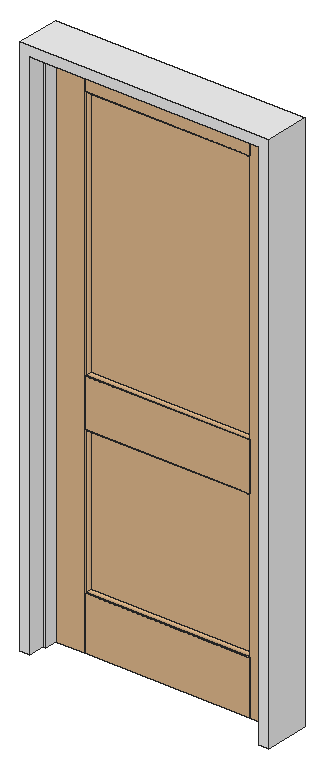
Revit family
Parameters (values of type "1 3/4" Flat Panel")
  URL = "http://www.karonadoor.com"
  Thickness Note = "Do not edit thickness."  # constant formula
  Thickness = 1.774"
  Swing Angle 2D = 90.00°
  SmartBIM Object Version = 1  # constant formula
  SmartBIM Object Created By = "Reed Construction Data"  # constant formula
  Rough Width = 0.000"
  Rough Height = 1.750"
  Panel = Panel_K4010_Karona : 1 3/4" - Flat Panel
  Model = "K4010 Ovolo"  # constant formula
  Manufacturer = "Karona , Inc."  # constant formula
  Detail Door Thickness = 1.750"
  Assembly Code = ""
  Top Rail Height = 5.000"
  Top Rail = Wood, Cherry - Grain Horizontal
  Stile Width = 5.063"
  Stile = Wood, Cherry - Grain Vertical
  Sticking = Wood, Cherry - Grain Vertical
  Middle Rail = Wood, Cherry - Grain Horizontal
  Height = 84.000"
  Wall Closure = (empty or 0)
  Width = 36.000"
  Frame = Metal
  Bottom Rail Height = 8.500"
  Bottom Rail = Wood, Cherry - Grain Horizontal
  95 CSI = "08210"  # constant formula
  04 CSI = "08 14 33"  # constant formula
Types (9): name | Thickness | Rough Height | Panel | Detail Door Thickness
  1 3/4" Flat Panel | 1.774" | 1.750" | Panel_K4010_Karona : 1 3/4" - Flat Panel | 1.750"
  1 3/8" Flat Panel | 1.334" | 0.000" | Panel_K4010_Karona : 1 3/8" - Flat Panel | 1.375"
  2 1/4" Flat Panel | 2.250" | 0.000" | Panel_K4010_Karona : 2 1/4" - Flat Panel | 2.250"
  1 3/4" Glass Panel | 1.774" | 1.750" | Panel_K4010_Karona : 1 3/4" - Glass Panel | 1.750"
  1 3/8" Glass Panel | 1.334" | 0.000" | Panel_K4010_Karona : 1 3/8" - Glass Panel | 1.375"
  2 1/4" Glass Panel | 2.250" | 0.000" | Panel_K4010_Karona : 2 1/4" - Glass | 2.250"
  1 3/4" Raised Panel | 1.774" | 1.750" | Panel_K4010_Karona : 1 3/4" - Raised Panel | 1.750"
  1 3/8" Raised Panel | 1.334" | 0.000" | Panel_K4010_Karona : 1 3/8" - Raised Panel | 1.375"
  2 1/4" Raised Panel | 2.250" | 0.000" | Panel_K4010_Karona : 2 1/4" - Raised Panel | 2.250"
Reference planes (in)
  plane 1 "Center (Front/Back)": y = 0
  plane 2 "Center (Left/Right)": x = 0
  plane 3 "Left": x = -18
  plane 4 "Right": x = 18
  plane 5 "Top": z = 84
  plane 6 "Exterior Edge of Frame": y = 3.5
  plane 7 "Interior Edge of Frame": y = -3.5
  plane 8: y = 1
  plane 9: y = -1
  plane 10 "Opening Left": x = -19.5
  plane 11 "Opening Right": x = 19.5
  plane 12 "Top of Opening": z = 85.5
  plane 13: x = -17.5
Forms (in)
  Sweep 1, solid, material "Metal" <- "Frame"
    path origin (0, 0, 0) x (1, 0, 0) y (0, 0, 1)
      loop
        line (-19.5, 0) -> (-19.5, 85.5) -> (19.5, 85.5) -> (19.5, 0)
    profile origin (-19.5, 0, 42.75) x (-1, 0, 0) y (0, -1, 0)
      loop
        line (0, -3.5) -> (0, 3.5) -> (-1.5, 3.5) -> (-1.5, 1) -> (-2, 1) -> (-2, -1) -> (-1.5, -1) -> (-1.5, -3.5) -> (0, -3.5)
Lines and regions (in)
  Opening 1
    outline origin (-90, -3, 0) x (1, 0, 0) y (0, 0, 1)
      loop
        line (70.5, 0) -> (109.5, 0) -> (109.5, 85.5) -> (70.5, 85.5) -> (70.5, 0)
  symbolic lines, style "Elevation Swing"
    curve 1: line (18, 3, 0) -> (-18, 3, 42)
    curve 2: line (-18, 3, 42) -> (18, 3, 84)
Text (in)
  text "Exterior" at (-46.13199, 20.20143, 0), in view "Ref. Level"
  text "Interior" at (-46.13199, -10.56751, 0), in view "Ref. Level"
  text "Exterior" at (0, 40.15149, 123.01588), in view "Right"
  text "Interior" at (0, -64.39139, 123.01588), in view "Right"
  text "Interior" at (0, -31.01599, 123.00693), in view "Left"
  text "Exterior" at (0, 54.57065, 123.00693), in view "Left"
Dimensions and locks (in)
  "Height": level to plane 5 "Top"
  "Width": plane 3 "Left" to plane 4 "Right"
  equal spacing: host wall, curve 2, plane 5 "Top"
  locked: host wall to plane 7 "Interior Edge of Frame" at 0.5
  locked: plane 6 "Exterior Edge of Frame" to host wall at 0.5
  locked: plane 9 to plane 7 "Interior Edge of Frame" at 2.5
  locked: plane 6 "Exterior Edge of Frame" to plane 8 at 2.5
  equal spacing: plane 3 "Left", plane 2 "Center (Left/Right)", plane 4 "Right"
  locked: plane 4 "Right" to plane 11 "Opening Right" at 1.5
  locked: plane 5 "Top" to plane 12 "Top of Opening" at 1.5
  locked: plane 3 "Left" to plane 13 at 0.5
  locked: plane 10 "Opening Left" to plane 3 "Left" at 1.5
  nested 1 to nested 1 = 1.774"
  aligned and locked: Opening 1 sketch curve to level
  aligned and locked: plane 4 "Right" to curve 1
  aligned and locked: plane 3 "Left" to curve 1
  aligned and locked: plane 5 "Top" to curve 2
  aligned and locked: Opening 1 sketch curve to plane 11 "Opening Right"
  aligned and locked: plane 12 "Top of Opening" to Opening 1 sketch curve
  aligned and locked: Opening 1 sketch curve to plane 10 "Opening Left"
  aligned and locked: plane 10 "Opening Left" to Sweep 1 sketch curve
  aligned and locked: plane 12 "Top of Opening" to Sweep 1 sketch curve
  aligned and locked: plane 11 "Opening Right" to Sweep 1 sketch curve
  aligned and locked: level to Sweep 1 sketch curve  (x2)
  aligned and locked: Sweep 1 sketch curve to plane 10 "Opening Left"
  aligned and locked: Sweep 1 sketch curve to plane 6 "Exterior Edge of Frame"
  aligned and locked: Sweep 1 sketch curve to plane 7 "Interior Edge of Frame"
  aligned and locked: Sweep 1 sketch curve to plane 8
  aligned and locked: Sweep 1 sketch curve to plane 9
  aligned and locked: plane 13 to Sweep 1 sketch curve
  aligned and locked: plane 3 "Left" to Sweep 1 sketch curve  (x2)
  aligned and locked: nested 1 to plane 2 "Center (Left/Right)"
  aligned and locked: nested 2 to plane 3 "Left"
  aligned and locked: nested 2 to plane 8
  aligned and locked: nested 1 to plane 8
Automatic sketch dimensions
  curve 1 to level = 0.000"
  curve 2 to plane 4 "Right" = 0.000"
Nested families (in)
  nested 1: "Panel_K4010_Karona" at (-13.5, 0.6575, 0) x (-1, 0, 0) z (0, 0, 1), type <- "Panel", type "1 3/4" - Flat Panel"
  nested 2: "Door Panel Plan View" at (-31.5, 1, 0) x (-1, 0, 0) z (0, 0, 1), type "Door Panel Plan View"
    with Thickness 1.750", Height 84.000"
Definition of nested family "Panel_K4010_Karona"
  Parameters (values of type "1 3/4" - Flat Panel")
    Width = 36.000"
    Top Rail Material = Wood, Cherry - Grain Horizontal
    Top Rail Height = 5.000"
    Top Panel Offset = 27.175"
    Thickness Note = "Do not change door thickness"  # constant formula
    Thickness = 1.774"
    Stile Width = 5.063"
    Stile Material = Wood, Cherry - Grain Vertical
    Sticking Material = Wood, Cherry - Grain Vertical
    Panel Width = (Width - (2 * Stile Width))  # 25.874"
    Panel Height = (Height - (Bottom Rail Height + Top Rail Height + Bottom Panel Height + Lock Rail Width))  # 40.000"
    Panel = Glass-Sticking-Assembly-Ovolo_Karona : Flat Panel
    Lock Rail Width = 7.500"
    Interior Panel = Wood, Cherry - Grain Vertical
    Height = 84.000"
    Exterior Edge - Glass Bottom Offset = if(Thickness = 1.774", 0.567", if(Thickness = 2.250", 0.803", 0.469"))  # 0.567"
    Door Panel Material = Wood, Cherry - Grain Vertical
    Default Elevation = 0.000"  # constant formula
    Bottom Rail Material = Wood, Cherry - Grain Horizontal
    Bottom Rail Height = 8.500"
    Bottom Panel Height = Bottom Height - (Bottom Rail Height + Lock Rail Width)  # 23.000"
    Bottom Height = 39.000"
    Assembly Code = ""
  Types (9): name | Top Panel Offset | Thickness | Panel | Interior Panel | Exterior Edge - Glass Bottom Offset
    2 1/4" - Flat Panel | 27.250" | 2.250" | Glass-Sticking-Assembly-Ovolo_Karona : Flat Panel | Wood, Cherry - Grain Vertical | 0.803"
    2 1/4" - Glass | 27.175" | 2.250" | Glass-Sticking-Assembly-Ovolo_Karona : Glass Panel | Glass | 0.803"
    2 1/4" - Raised Panel | 27.175" | 2.250" | Glass-Sticking-Assembly-Ovolo_Karona : Raised Panel | Wood, Cherry - Grain Vertical | 0.803"
    1 3/4" - Raised Panel | 27.175" | 1.774" | Glass-Sticking-Assembly-Ovolo_Karona : Raised Panel | Wood, Cherry - Grain Vertical | 0.567"
    1 3/4" - Flat Panel | 27.175" | 1.774" | Glass-Sticking-Assembly-Ovolo_Karona : Flat Panel | Wood, Cherry - Grain Vertical | 0.567"
    1 3/4" - Glass Panel | 27.175" | 1.774" | Glass-Sticking-Assembly-Ovolo_Karona : Glass Panel | Glass | 0.567"
    1 3/8" - Raised Panel | 27.175" | 1.334" | Glass-Sticking-Assembly-Ovolo_Karona : Raised Panel | Wood, Cherry - Grain Vertical | 0.469"
    1 3/8" - Glass Panel | 27.175" | 1.334" | Glass-Sticking-Assembly-Ovolo_Karona : Glass Panel | Glass | 0.469"
    1 3/8" - Flat Panel | 27.175" | 1.334" | Glass-Sticking-Assembly-Ovolo_Karona : Flat Panel | Wood, Cherry - Grain Vertical | 0.469"
  Reference planes (in)
    plane 1 "Center (Front/Back)": y = 1.2295
    plane 2: z = 0
    plane 3 "Center (Left/Right)": x = -13.5
    plane 4 "Left": x = -31.5
    plane 5: x = 4.5
    plane 6 "Inner Left": x = -26.437
    plane 7 "Inner Right": x = -0.563
    plane 8: z = 8.5
    plane 9 "Bottom Of Top Rail": z = 79
    plane 10 "Top": z = 84
    plane 11 "Interior Edge of Door": y = 2.1165
    plane 12: z = 79
    plane 13 "Exterior Edge of Door": y = 0.3425
    plane 14 "Bottom of Glass": y = 0.9095
    plane 15 "Cross Rail Bottom": z = 42
    plane 16: z = 39
    plane 17: z = 31.5
    plane 18: z = 35.25
    plane 19: z = 59
  Forms (in)
    Extrusion 1, solid, material "Wood, Cherry - Grain Horizontal" <- "Bottom Rail Material"
      sketch origin (0, -101.3125, 0) x (1, 0, 0) y (0, 0, 1)
        loop
          line (-26.437, 0) -> (-0.563, 0) -> (-0.563, 8.5) -> (-26.437, 8.5) -> (-26.437, 0)
      from -103.429 to -101.655
    Extrusion 2, solid, material "Wood, Cherry - Grain Vertical" <- "Stile Material"
      sketch origin (0, 1.2295, 0) x (1, 0, 0) y (0, 0, 1)
        loop
          line (-31.5, 84) -> (-31.5, 0) -> (-26.437, 0) -> (-26.437, 84) -> (-31.5, 84)
        loop
          line (-0.563, 0) -> (4.5, 0) -> (4.5, 84) -> (-0.563, 84) -> (-0.563, 0)
      from -0.887 to 0.887
    Extrusion 3, solid, material "Wood, Cherry - Grain Horizontal" <- "Top Rail Material"
      sketch origin (0, 1.2295, 0) x (1, 0, 0) y (0, 0, 1)
        loop
          line (-26.437, 84) -> (-26.437, 79) -> (-0.563, 79) -> (-0.563, 84) -> (-26.437, 84)
      from -0.887 to 0.887
    Extrusion 4, solid, material "Wood, Cherry - Grain Horizontal" <- "Bottom Rail Material"
      sketch origin (0, 1.2295, 0) x (1, 0, 0) y (0, 0, 1)
        loop
          line (-26.437, 39) -> (-26.437, 31.5) -> (-0.563, 31.5) -> (-0.563, 39) -> (-26.437, 39)
      from -0.887 to 0.887
  Text (in)
    text "EXTERIOR" at (-34.59289, -1.27941, 0), in view "Ref. Level"
    text "EXTERIOR" at (0, -9.65287, 72.76687), in view "Left"
    text "EXTERIOR" at (0, -33.33473, 96.68074), in view "Right"
  Dimensions and locks (in)
    equal spacing: plane 4 "Left", plane 3 "Center (Left/Right)", plane 5
    "Width": plane 4 "Left" to plane 5
    "Stile Width": plane 4 "Left" to plane 6 "Inner Left"
    "Stile Width": plane 5 to plane 7 "Inner Right"
    "Bottom Rail Height": plane 8 to plane 2
    "Top Rail Height": plane 10 "Top" to plane 9 "Bottom Of Top Rail"
    "Height": plane 10 "Top" to plane 2
    equal spacing: plane 11 "Interior Edge of Door", plane 1 "Center (Front/Back)", plane 13 "Exterior Edge of Door"
    "Thickness": plane 11 "Interior Edge of Door" to plane 13 "Exterior Edge of Door"
    "Exterior Edge - Glass Bottom Offset": plane 14 "Bottom of Glass" to plane 13 "Exterior Edge of Door"
    "Exterior Edge - Glass Bottom Offset": plane 13 "Exterior Edge of Door" to plane 14 "Bottom of Glass"
    equal spacing: plane 10 "Top", plane 15 "Cross Rail Bottom", level
    "Lock Rail Width": plane 16 to plane 17
    equal spacing: plane 16, plane 18, plane 17
    equal spacing: plane 12, plane 19, plane 16
    "Bottom Height": plane 16 to level
    aligned and locked: Extrusion 1 to plane 2
    aligned and locked: plane 11 "Interior Edge of Door" to Extrusion 1
    aligned and locked: plane 4 "Left" to Extrusion 2 sketch curve
    aligned and locked: Extrusion 2 sketch curve to plane 10 "Top"
    aligned and locked: Extrusion 2 sketch curve to Extrusion 1  (x3)
    aligned and locked: Extrusion 1 to Extrusion 2 sketch curve
    aligned and locked: plane 10 "Top" to Extrusion 2 sketch curve
    aligned and locked: plane 5 to Extrusion 2 sketch curve
    aligned and locked: plane 11 "Interior Edge of Door" to Extrusion 2
    aligned and locked: Extrusion 2 to Extrusion 3 sketch curve
    aligned and locked: Extrusion 3 sketch curve to Extrusion 2
    aligned and locked: plane 11 "Interior Edge of Door" to Extrusion 3
    aligned and locked: plane 12 to plane 9 "Bottom Of Top Rail"
    aligned and locked: level to plane 2
    aligned and locked: Extrusion 3 to plane 13 "Exterior Edge of Door"
    aligned and locked: Extrusion 3 to plane 11 "Interior Edge of Door"
    aligned and locked: Extrusion 2 to plane 13 "Exterior Edge of Door"
    aligned and locked: Extrusion 3 to plane 12
    aligned and locked: Extrusion 1 to Extrusion 2
    aligned and locked: nested 1 to plane 1 "Center (Front/Back)"
    aligned and locked: plane 3 "Center (Left/Right)" to nested 2
    aligned and locked: plane 3 "Center (Left/Right)" to nested 1
    aligned and locked: Extrusion 4 sketch curve to plane 16
    aligned and locked: Extrusion 4 sketch curve to plane 17
    aligned and locked: Extrusion 4 sketch curve to plane 6 "Inner Left"
    aligned and locked: Extrusion 4 sketch curve to plane 7 "Inner Right"
    aligned and locked: plane 11 "Interior Edge of Door" to Extrusion 4
    aligned and locked: Extrusion 4 to plane 13 "Exterior Edge of Door"
    aligned and locked: nested 1 to plane 8
    aligned and locked: plane 19 to nested 2
  Automatic sketch dimensions
    Extrusion 1 sketch curve to plane 6 "Inner Left" = 0.000"
    Extrusion 1 sketch curve to plane 7 "Inner Right" = 0.000"
    Extrusion 1 sketch curve to level = 0.000"
    Extrusion 1 sketch curve to plane 8 = 0.000"
    Extrusion 3 sketch curve to plane 7 "Inner Right" = 0.000"
    plane 9 "Bottom Of Top Rail" to Extrusion 3 sketch curve = 0.000"
  Nested families (in)
    nested 1: "Glass-Sticking-Assembly-Ovolo_Karona" at (-13.96875, 1.38, 8.5), Width <- "Panel Width", Height <- "Bottom Panel Height", type <- "Panel", type "Flat Panel"
      with Width 25.874", Height 23.000", Door Thickness 1.774", C 0.197", B 0.567", A 0.195"
    nested 2: "Glass-Sticking-Assembly-Ovolo_Karona" at (-13.96875, 1.3804, 39), Width <- "Panel Width", Height <- "Panel Height", type <- "Panel", type "Flat Panel"
      with Width 25.874", Height 40.000", Door Thickness 1.774", C 0.197", B 0.567", A 0.195"
  Definition of nested family "Glass-Sticking-Assembly-Ovolo_Karona"
    Parameters (values of type "Raised Panel")
      Width [instance] = 4.000"
      Vertical Profile Offset = if(Glass Panel, 0.473", 0.050")  # 0.050"
      Stop Adjustment = if(and(not(Glass Panel), Door Thickness = 1.774"), 0.513", if(and(not(Glass Panel), Door Thickness = 2.250"), 0.513", if((Glass Panel), 0.125", 0.273")))  # 0.273"
      Profile = Wood, Cherry - Grain Vertical
      Height [instance] = 23.000"
      Raised Panel = yes
      Interior Panel = Wood, Cherry - Grain Vertical
      Glass Panel = no
      Door Thickness = 1.334"
      C = if(Door Thickness = 1.774", 0.197", if(Door Thickness = 2.250", 0.437", 0.106"))  # 0.106"
      B = if(Door Thickness = 1.774", 0.567", if(Door Thickness = 2.250", 0.803", 0.469"))  # 0.469"
      Assembly Code = ""
      A = if(Door Thickness = 1.774", 0.195", if(Door Thickness = 2.250", 0.431", 0.108"))  # 0.108"
    Types (3): name | Width | Vertical Profile Offset | Stop Adjustment | Raised Panel | Glass Panel | Door Thickness | C | B | A
      Glass Panel | 5.000" | 0.473" | 0.125" | no | yes | 2.250" | 0.437" | 0.803" | 0.431"
      Flat Panel | 4.500" | 0.050" | 0.513" | no | no | 2.250" | 0.437" | 0.803" | 0.431"
      Raised Panel | 4.000" | 0.050" | 0.273" | yes | no | 1.334" | 0.106" | 0.469" | 0.108"
    Reference planes (in)
      plane 1 "Stop Adjustment Edge": y = -0.3455
      plane 2: z = 0
      plane 3 "Center (Left/Right)": x = 0.46875
      plane 4 "Back": y = 0.3945
      plane 5 "Front": y = -0.9395
      plane 6 "Left": x = -1.53125
      plane 7 "Right": x = 2.46875
      plane 8 "Top": z = 23
      plane 9 "Center (Up/Down)": z = 11.5
      plane 10 "Bottom of Stop": y = -0.0725
      plane 11 "Bottom of Glass": y = -0.4705
      plane 12 "Right Edge of Glass": x = 2.41875
      plane 13 "Left Edge of Glass": x = -1.48125
      plane 14 "Top Edge of Glass": z = 22.90625
      plane 15 "Bottom Edge of Glass": z = 0.09375
      plane 16: x = 2.34375
      plane 17 "A": y = -0.8315
      plane 18 "C": y = 0.2885
      plane 19 "Bottom Cut Line": z = 0.438
      plane 20 "Top Cut Line": z = 22.562
      plane 21 "Cut Vertical Left": x = -1.09325
      plane 22 "Cut Vertical": x = 2.03075
      plane 23 "Center (Front/Back)": y = -0.2725
    Forms (in)
      Sweep 1, solid, material "Wood, Cherry - Grain Vertical" <- "Profile"
        path origin (0, -0.3455, 0) x (1, 0, 0) y (0, 0, 1)
          loop
            line (2.46875, 23) -> (-1.53125, 23) -> (-1.53125, 0) -> (2.46875, 0) -> (2.46875, 23)
        profile origin (2.46875, -0.3455, 11.5) x (0, -1, 0) y (1, 0, 0)
          loop
            line (-0.634, 0) -> (-0.634, -0.438) -> (-0.273, -0.438) -> (-0.273, -0.05) -> (0.125, -0.05) -> (0.125, -0.44588)
            arc (0.125, -0.44588) -> (0.40126, -0.29929) -> (0.492, 0) r 0.40707
            line (0.492, 0) -> (-0.634, 0)
      Extrusion 2, solid, material "Wood, Cherry - Grain Vertical" <- "Interior Panel"
        sketch origin (0, 0, 0) x (1, 0, 0) y (0, 1, 0)
          loop
            line (-1.48125, -0.0725) -> (-1.48125, -0.4705) -> (2.41875, -0.4705) -> (2.41875, -0.0725) -> (-1.48125, -0.0725)
        from 0.09375 to 22.90625
      Extrusion 3, solid, material "Wood, Cherry - Grain Vertical" <- "Profile", visible <- "Raised Panel"
        sketch origin (0, 0, 0) x (1, 0, 0) y (0, 1, 0)
          loop
            line (2.03075, 0.2885) -> (-1.09325, 0.2885) -> (-1.09325, -0.0725) -> (2.03075, -0.0725) -> (2.03075, 0.2885)
          loop
            line (-1.09325, -0.4705) -> (-1.09325, -0.8315) -> (2.03075, -0.8315) -> (2.03075, -0.4705) -> (-1.09325, -0.4705)
        from 0.438 to 22.562
      Sweep 4, void
        path origin (0, -0.0725, 0) x (-1, 0, 0) y (0, 0, 1)
          loop
            line (1.53125, 0) -> (1.53125, 23) -> (-2.46875, 23) -> (-2.46875, 0) -> (1.53125, 0)
        profile "Profile : 05" origin (-1.53125, -0.0725, 11.5) x (1, 0, 0) y (0, 1, 0)
          loop
            line (0, 0.05) -> (0.36169, 0.05096)
            arc (0.36169, 0.05096) -> (1.01257, 0.13642) -> (1.61934, 0.387) r 2.52143
            line (1.61934, 0.387) -> (0, 0.387) -> (0, 0.05)
      Sweep 5, void
        path origin (0, -0.4705, 0) x (-1, 0, 0) y (0, 0, 1)
          loop
            line (-2.46875, 23) -> (-2.46875, 0) -> (1.53125, 0) -> (1.53125, 23) -> (-2.46875, 23)
        profile "Profile : 05" origin (2.46875, -0.4705, 11.5) x (-1, 0, 0) y (0, 1, 0)
          loop
            line (0, -0.05) -> (0, -0.387) -> (1.61934, -0.387)
            arc (1.61934, -0.387) -> (1.01257, -0.13642) -> (0.36169, -0.05096) r 2.52143
            line (0.36169, -0.05096) -> (0, -0.05)
      Sweep 6, void
        path origin (0, 0.2885, 0) x (1, 0, 0) y (0, 0, 1)
          loop
            line (-1.09325, 0.438) -> (2.03075, 0.438) -> (2.03075, 22.562) -> (-1.09325, 22.562) -> (-1.09325, 0.438)
        profile "QuarterCircleCut : QuarterCircleCut" origin (2.03075, 0.2885, 11.5) x (-1, 0, 0) y (0, -1, 0)
          loop
            arc (0.35, 0) -> (0.10251, 0.10251) -> (0, 0.35) r 0.35
            line (0, 0.35) -> (0, 0) -> (0.35, 0)
    Cuts and joins
      Sweep 4, Sweep 5 cuts Extrusion 3
      Sweep 6 cuts Sweep 1
    Text (in)
      text "INTERIOR" at (-14.3788, 3.49864, 0), in view "Ref. Level"
    Dimensions and locks (in)
      equal spacing: plane 6 "Left", plane 3 "Center (Left/Right)", plane 7 "Right"
      "Width": plane 6 "Left" to plane 7 "Right"
      "Door Thickness": plane 4 "Back" to plane 5 "Front"
      "Height": plane 8 "Top" to plane 2
      equal spacing: plane 8 "Top", plane 9 "Center (Up/Down)", level
      locked: plane 1 "Stop Adjustment Edge" to plane 11 "Bottom of Glass" at 0.125
      "Stop Adjustment": plane 10 "Bottom of Stop" to plane 1 "Stop Adjustment Edge"
      locked: plane 12 "Right Edge of Glass" to plane 7 "Right" at 0.05
      locked: plane 8 "Top" to plane 14 "Top Edge of Glass" at 0.09375
      locked: plane 15 "Bottom Edge of Glass" to level at 0.09375
      locked: plane 6 "Left" to plane 13 "Left Edge of Glass" at 0.05
      "B": plane 5 "Front" to plane 11 "Bottom of Glass"
      locked: plane 16 to plane 7 "Right" at 0.125
      "A": plane 5 "Front" to plane 17 "A"
      "C": plane 18 "C" to plane 4 "Back"
      plane 4 "Back" to Sweep 1 = 0.467"
      locked: plane 19 "Bottom Cut Line" to level at 0.438
      locked: plane 8 "Top" to plane 20 "Top Cut Line" at 0.438
      locked: plane 6 "Left" to plane 21 "Cut Vertical Left" at 0.438
      locked: plane 22 "Cut Vertical" to plane 7 "Right" at 0.438
      equal spacing: plane 4 "Back", plane 23 "Center (Front/Back)", plane 5 "Front"
      aligned and locked: Sweep 1 sketch curve to plane 7 "Right"
      aligned and locked: Sweep 1 sketch curve to plane 8 "Top"
      aligned and locked: Sweep 1 sketch curve to plane 6 "Left"
      aligned and locked: Sweep 1 sketch curve to level
      aligned and locked: plane 10 "Bottom of Stop" to Sweep 1 sketch curve
      aligned and locked: plane 11 "Bottom of Glass" to Sweep 1 sketch curve
      aligned and locked: Extrusion 2 sketch curve to plane 13 "Left Edge of Glass"
      aligned and locked: Extrusion 2 sketch curve to plane 10 "Bottom of Stop"
      aligned and locked: Extrusion 2 sketch curve to plane 11 "Bottom of Glass"
      aligned and locked: Extrusion 2 sketch curve to plane 12 "Right Edge of Glass"
      aligned and locked: plane 14 "Top Edge of Glass" to Extrusion 2
      aligned and locked: Extrusion 2 to plane 15 "Bottom Edge of Glass"
      aligned and locked: Extrusion 3 sketch curve to plane 18 "C"
      aligned and locked: Extrusion 3 sketch curve to plane 10 "Bottom of Stop"
      aligned and locked: Extrusion 3 sketch curve to plane 11 "Bottom of Glass"
      aligned and locked: Extrusion 3 sketch curve to plane 17 "A"
      aligned and locked: Extrusion 3 to plane 19 "Bottom Cut Line"
      aligned and locked: Extrusion 3 to plane 20 "Top Cut Line"
      aligned and locked: plane 12 "Right Edge of Glass" to Sweep 1 sketch curve
      aligned and locked: plane 22 "Cut Vertical" to Extrusion 3 sketch curve  (x2)
      aligned and locked: Extrusion 3 sketch curve to plane 21 "Cut Vertical Left"  (x2)
      aligned and locked: plane 22 "Cut Vertical" to Sweep 1 sketch curve
      aligned and locked: Sweep 5 sketch curve to plane 6 "Left"
      aligned and locked: plane 8 "Top" to Sweep 5 sketch curve
      aligned and locked: Sweep 5 sketch curve to plane 7 "Right"
      aligned and locked: level to Sweep 5 sketch curve
      aligned and locked: Sweep 4 sketch curve to plane 7 "Right"
      aligned and locked: plane 8 "Top" to Sweep 4 sketch curve
      aligned and locked: Sweep 4 sketch curve to plane 6 "Left"
      aligned and locked: level to Sweep 4 sketch curve
      aligned and locked: plane 18 "C" to Sweep 1 sketch curve
      aligned and locked: Sweep 6 sketch curve to plane 21 "Cut Vertical Left"
      aligned and locked: plane 22 "Cut Vertical" to Sweep 6 sketch curve
      aligned and locked: Sweep 6 sketch curve to plane 19 "Bottom Cut Line"
      aligned and locked: plane 20 "Top Cut Line" to Sweep 6 sketch curve
    Automatic sketch dimensions
      Sweep 1 sketch curve to Sweep 1 sketch curve = 0.03804"
      Sweep 1 sketch curve to Sweep 1 sketch curve = 0.367"
      plane 16 to Sweep 1 sketch curve = 0.32088"
      Sweep 1 sketch curve to profile plane = 0.000"
Definition of nested family "Door Panel Plan View"
  Parameters (values of type "Door Panel Plan View")
    Width = 36.000"
    Thickness = 2.000"
    Swing Angle 2D = 90.00°
    Height = 0.000"
    Assembly Code = ""
  Reference planes (in)
    plane 1 "Center (Front/Back)": y = 0
    plane 2: z = 0
    plane 3 "Center (Left/Right)": x = -13.5
  Lines and regions (in)
    symbolic lines, style "DoorsPanelProjection"
      curve 1: line (-13.5, 0, 0) -> (-13.5, 36, 0)
      curve 2: line (-15.5, 0, 0) -> (-15.5, 36, 0)
      curve 3: line (-13.5, 0, 0) -> (-15.5, 0, 0)
      curve 4: line (-13.5, 36, 0) -> (-15.5, 36, 0)
    symbolic lines, style "Plan Swing"
      curve 5: arc (-13.5, 36, 0) -> (-38.95584, 25.45584, 0) -> (-49.5, 0, 0) r 36
  Dimensions and locks (in)
    "Width": curve 4 to curve 3
    "Thickness": curve 1 to curve 2
    "Swing Angle 2D": angle curve 1 to plane 1 "Center (Front/Back)"
    aligned and locked: plane 1 "Center (Front/Back)" to curve 5
  Automatic sketch dimensions
    curve 3 to plane 1 "Center (Front/Back)" = 0.000"
    curve 5 to plane 3 "Center (Left/Right)" = 0.000"
    curve 3 to plane 3 "Center (Left/Right)" = 0.000"
